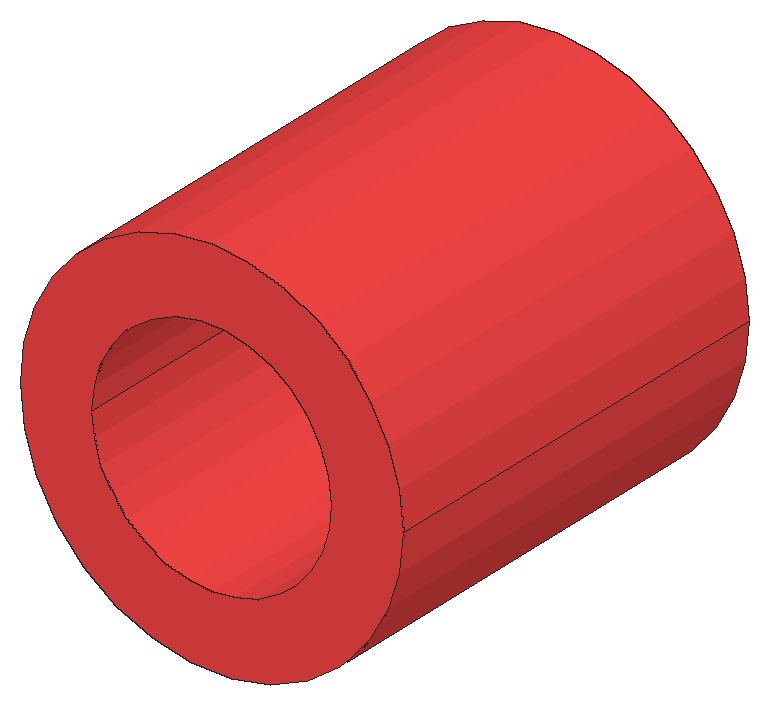
Revit family "FF109 Vent Duct Fire Sleeve - Circular", category Specialty Equipment, Revit 2015
Parameters (values of type "Ø100mm")
  Width_Calc [instance] = if(Width < 280 mm, if(Width > 50 mm, Width, 50 mm), 280 mm)  # 180 mm
  Wall Width [instance] = 130 mm
  URL = "https://www.tenmat.com/passive-fire-protection"
  Thickness = 30 mm
  Tenmat Item Number = ""
  Youtube clip = ""
  Protrusion_Length [instance] = if(Ablative Coated Fire Batts, 40 mm, 25 mm)  # 25 mm
  Pipe Material Suitability = "HDEP, UPVC, PVC"
  Performance = "BS EN 1366-3:2009 & BS 476, ETA-12/0332, 1224-CPR-0341, CE Marked"
  OutsideRadius [instance] = InsideRadius + Thickness  # 80 mm
  Model = ""
  Material = "Intumescent Sealant"
  Manufacturer = "Tenmat ltd"
  Width [instance] = Wall Width + Protrusion_Length * 2  # 180 mm
  IFC Classification = "Building Element Proxy"
  InsideRadius [instance] = 50 mm
  Description = "FireFly 109 Vent Duct Sleeve LP"
  Cut length [instance] = pi() * OutsideRadius * 2  # 502.655 mm
  Assembly Code = ""
  Ablative Coated Fire Batts [instance] = no
Types (3, lengths in mm): name | Thickness | OutsideRadius | InsideRadius | Cut length
  Ø100mm | 30 | 80 | 50 | 502.655
  Ø125mm | 30 | 92.5 | 62.5 | 581.195
  Ø150mm | 35 | 110 | 75 | 691.15
Reference planes
  plane 1 "Center (Front/Back)": y = 0
  plane 2: z = 0
  plane 3 "Center (Left/Right)": x = 0
  plane 4 "Back": y = 90
  plane 5 "Front": y = -90
  plane 6: y = 0.5
Forms (mm)
  Extrusion 1, solid, material "Tenmat"
    sketch origin (0, 0, 0) x (1, 0, 0) y (0, 0, 1)
      loop
        circle (0, 0) r 50
      loop
        circle (0, 0) r 80
    from -90 to 90
Dimensions and locks
  equal spacing: plane 4 "Back", plane 1 "Center (Front/Back)", plane 5 "Front"
  "Width_Calc": plane 4 "Back" to plane 5 "Front"
  "InsideRadius": radius of Extrusion 1 sketch curve
  "OutsideRadius": radius of Extrusion 1 sketch curve
  aligned and locked: level to plane 2
  aligned and locked: plane 3 "Center (Left/Right)" to Extrusion 1 sketch curve  (x2)
  aligned and locked: plane 2 to Extrusion 1 sketch curve  (x2)
  aligned and locked: plane 4 "Back" to Extrusion 1
  aligned and locked: plane 5 "Front" to Extrusion 1
